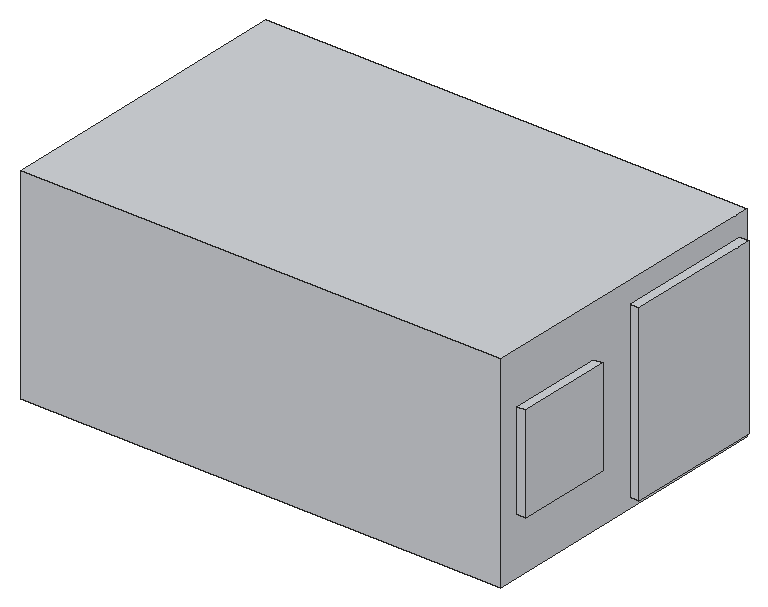
Revit family "DV 6500", category Mechanical Equipment, Revit 2013
Parameters (values of type "Type 1")
  Warranty = "1 Year"
  Voltage Supply      Single Phase = "400v ac"
  Versatile positioning ,floor and ceiling susupended options = "Yes"
  Summer/Winter by-pass = "Yes"
  Summer By-pass = "Automatic 100%"
  Safety cut off switch Pressure sensors for filter monitoring = "Yes"
  Pre Heater = "option"
  Part number = "9041524"
  Model = "MULTI DV6500"
  Meets Building regulations Pat L2A and L2B = "Yes"
  Max Air Volume  m3/hr = "7100"
  Lockable doors = "Yes"
  Interchangeable spigot connections = "Yes"
  Humidity control (optional) = "Yes"
  Heat Recovery = "<95%"
  Heat Exchanger = "Cross Counterflow"
  Frequency = "50Hz"
  Filter maintenance reminder = "Yes"
  Electronic control panel with LCD display = "Yes"
  EC motor for fine speed control and low SFP = "Yes"
  Duct Connections = "4x500x500mm"
  Double skinned insulated casing avoids thermal bridging = "Yes"
  Dimension L [instance] = 2500 mm
  Dimension H [instance] = 1600 mm
  Dimension B [instance] = 1043.693 mm
  Control Standard = "BMS/Internet"
  Control Optional.. = "Temperature"
  Control Optional. = "Co2"
  Control Optional = "Humidity"
  Carbon dioxide control (optional) = "Yes"
  Balanced supply and extract air ventilation with heat recovery = "Yes"
  BREEAM applicable = "Yes"
  Anti frost protection = "option"
  Air Filters = "M5 and F14"
  After Heater = "option"
  10 speed digital control and BMS and Internet control = "Yes"
Reference planes
  plane 1 "Center (Front/Back)": y = 0
  plane 2: z = -45
  plane 3 "Center (Left/Right)": x = 0
  plane 4: x = -1250
  plane 5: x = 1250
  plane 6: y = 800
  plane 7: y = -800
  plane 8: z = 998.693
  plane 9: z = 476.847
  plane 10: x = 650
  plane 11: z = 629.347
  plane 12: z = 324.347
  plane 13: y = 900
  plane 14: x = -972.5
  plane 15: x = -795
  plane 16: y = 395
  plane 17: x = -650
  plane 18: z = 192.5
  plane 19: z = 692.5
  plane 20: x = -900
  plane 21: z = 842.5
  plane 22: y = -450
  plane 23: y = -200
  plane 24: y = -700.147
  plane 25: z = 1009.347
  plane 26: z = -55.653
  plane 27: z = 42.5
  plane 28: z = 926.847
  plane 29: z = 26.847
  plane 30: x = 1150
  plane 31: x = 795
  plane 32: x = 590
  plane 33: x = -1175
  plane 34: x = -1150
  plane 35: x = -170
  plane 36: x = -575
  plane 37: z = 1043.693
  plane 38: y = 749.843
  plane 39: y = 25
  plane 40: y = 735
  plane 41: y = 39.843
  plane 42: y = 900
Forms (mm)
  Extrusion 1, solid
    sketch origin (-3126.117, 800, 952.653) x (-1, 0, 0) y (0, 0, 1)
      loop
        line (-2956.117, -570.653) -> (-2956.117, -875.653) -> (-2551.117, -875.653) -> (-2551.117, -570.653) -> (-2956.117, -570.653)
    from 0 to 100
  Extrusion 2, solid
    sketch origin (1250, -2000, 1200) x (0, -1, 0) y (0, 0, 1)
      loop
        line (-2039.843, -245) -> (-2749.843, -245) -> (-2749.843, -1145) -> (-2039.843, -1145) -> (-2039.843, -245)
    from -50 to 0
  Extrusion 3, solid
    sketch origin (1250, -2000, 1200) x (0, -1, 0) y (0, 0, 1)
      loop
        line (-1800, -400) -> (-1800, -900) -> (-1300, -900) -> (-1300, -400) -> (-1800, -400)
    from -50 to 0
  Extrusion 4, solid
    sketch origin (-1250, -2000, 1200) x (0, -1, 0) y (0, 0, -1)
      loop
        line (-2735, 245) -> (-2025, 245) -> (-2025, 1145) -> (-2735, 1145) -> (-2735, 245)
    from -50 to 0
  Extrusion 5, solid
    sketch origin (-1250, -2000, 1200) x (0, -1, 0) y (0, 0, -1)
      loop
        line (-1800, 400) -> (-1299.853, 400) -> (-1299.853, 900) -> (-1800, 900) -> (-1800, 400)
    from -50 to 0
  Extrusion 6, solid
    sketch origin (0, 0, 0) x (1, 0, 0) y (0, 1, 0)
      loop
        line (-1250, 800) -> (-1250, -800) -> (1250, -800) -> (1250, 800) -> (-1250, 800)
    from 0 to 1065
  Extrusion 7, solid
    sketch origin (-3106.117, 900, 912.653) x (-1, 0, 0) y (0, 0, 1)
      loop
        line (-2764.718, -675.478) -> (-2764.718, -795.478) -> (-2704.718, -795.478) -> (-2704.718, -675.478) -> (-2764.718, -675.478)
    from 0 to 50
Dimensions and locks
  equal spacing: plane 6, plane 1 "Center (Front/Back)", plane 7
  "Dimension H": plane 6 to plane 7
  equal spacing: plane 4, plane 3 "Center (Left/Right)", plane 5
  "Dimension L": plane 4 to plane 5
  "Dimension B": plane 8 to plane 2
  equal spacing: plane 8, plane 9, plane 2
  plane 13 to plane 6 = 100 mm
  equal spacing: plane 12, plane 9, plane 11, locked at 152.5 each
  plane 12 to plane 11 = 305 mm
  plane 9 to plane 25 = 532.5 mm  (x2)
  plane 9 to plane 26 = 532.5 mm
  plane 27 to plane 21 = 800 mm
  plane 9 to plane 28 = 450 mm
  plane 29 to plane 9 = 450 mm
  plane 29 to plane 28 = 900 mm
  plane 19 to plane 18 = 500 mm  (x3)
  plane 11 to plane 12 = 305 mm
  plane 26 to plane 25 = 1065 mm
  plane 23 to plane 24 = 500.147 mm  (x3)
  plane 31 to plane 30 = 355 mm
  plane 33 to plane 15 = 380 mm
  plane 34 to plane 17 = 500 mm
  plane 4 to Extrusion 1 = 675 mm
  Extrusion 1 to Extrusion 1 = 405 mm
  Extrusion 6 sketch curve to Extrusion 6 sketch curve = 2500 mm
  plane 24 to plane 7 = 99.853 mm  (x2)
  plane 39 to plane 40 = 710 mm
  plane 38 to plane 41 = 710 mm
  plane 42 to Extrusion 6 = 100 mm
Automatic sketch dimensions
  Extrusion 1 sketch curve to plane 12 = 247.347 mm
  plane 32 to Extrusion 1 sketch curve = 760 mm
  Extrusion 1 sketch curve to plane 11 = 247.347 mm
  Extrusion 2 sketch curve to plane 1 "Center (Front/Back)" = 39.843 mm
  plane 23 to Extrusion 3 sketch curve = 0 mm
  plane 19 to Extrusion 5 sketch curve = 107.5 mm
  Extrusion 2 sketch curve to plane 28 = 28.153 mm
  plane 2 to Extrusion 2 sketch curve = 100 mm
  Extrusion 6 sketch curve to plane 7 = 0 mm
  plane 6 to Extrusion 6 sketch curve = 0 mm
  Extrusion 6 sketch curve to plane 5 = 0 mm
  plane 19 to Extrusion 3 sketch curve = 107.5 mm
  plane 24 to Extrusion 3 sketch curve = 0.147 mm
  Extrusion 3 sketch curve to plane 12 = 24.347 mm
  Extrusion 5 sketch curve to plane 23 = 0 mm
  Extrusion 5 sketch curve to plane 24 = 0 mm
  Extrusion 5 sketch curve to plane 12 = 24.347 mm
  Extrusion 4 sketch curve to plane 28 = 28.153 mm
  Extrusion 4 sketch curve to plane 27 = 12.5 mm
  Extrusion 7 sketch curve to Extrusion 1 = 40.176 mm
  Extrusion 7 sketch curve to Extrusion 1 = 171.399 mm
  Extrusion 7 sketch curve to Extrusion 1 = 144.824 mm
  Extrusion 7 sketch curve to Extrusion 7 sketch curve = 60 mm
  Extrusion 2 sketch curve to plane 6 = 50.157 mm
  Extrusion 4 sketch curve to plane 38 = 14.843 mm
  Extrusion 4 sketch curve to plane 1 "Center (Front/Back)" = 25 mm
  plane 36 to Extrusion 1 sketch curve = 0 mm
Connectors
  hvac at (1300, 394.843, 505)
    settings: on Extrusion 2, index 1, duct flow 0.0 L/s, flow factor 0, pres drop 0.0 Pa, loss coef 0, conn angle 0.00°, conn width 710 mm, conn height 900 mm, conn radius 304.8 mm, duct sys type 1, conn prof type 1, flow config 0, flow direction 2, loss method 0, conn ref index -1, conn util no, is conn primary yes, conn desc ""
  hvac at (1300, -450, 550)
    settings: on Extrusion 3, index 2, duct flow 0.0 L/s, flow factor 0, pres drop 0.0 Pa, loss coef 0, conn angle 0.00°, conn width 500 mm, conn height 500 mm, conn radius 304.8 mm, duct sys type 2, conn prof type 1, flow config 0, flow direction 1, loss method 0, conn ref index -1, conn util no, is conn primary no, conn desc ""
  hvac at (-1300, -450.073, 550)
    settings: on Extrusion 5, index 3, duct flow 0.0 L/s, flow factor 0, pres drop 0.0 Pa, loss coef 0, conn angle 0.00°, conn width 500 mm, conn height 500 mm, conn radius 304.8 mm, duct sys type 1, conn prof type 1, flow config 0, flow direction 1, loss method 0, conn ref index -1, conn util no, is conn primary no, conn desc ""
  hvac at (-1300, 380, 505)
    settings: on Extrusion 4, index 4, duct flow 0.0 L/s, flow factor 0, pres drop 0.0 Pa, loss coef 0, conn angle 0.00°, conn width 710 mm, conn height 900 mm, conn radius 304.8 mm, duct sys type 2, conn prof type 1, flow config 0, flow direction 2, loss method 0, conn ref index -1, conn util no, is conn primary no, conn desc ""
